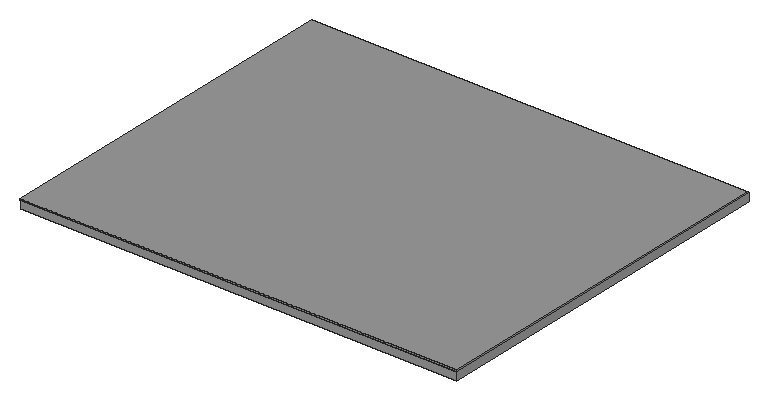
Revit family "UNB_Specchio_Multiproduct_BIM_IT_T3354;T3355;T3356;T3357;T3358;T3359;T3360;T3361;T3363;T3594_NEW", category Plumbing Fixtures, host Face, Revit 2017
Family settings
  Host = Face
  Round Connector Dimension = Use Diameter
  Part Type = Normal
  Cut with Voids When Loaded = No
  Shared = No
  Room Calculation Point = No
Parameters (values of type "T3594 - 1200 x 1000 mirror")
  VersioneClassificazioneUni2015 = "IfcFurnitureType"
  Versione = "1"
  ValoreDellaSuperficie = "n/a"
  UnitàVolume = "litro"
  UnitàSuperficie = "millimetro"
  UnitàMonetaria = "€"
  UnitàLineare = "millimetro"
  UnitàDurataGaranzia = "anno"
  UnitàDurata = "anno"
  URL = "http://www.idealstandard.it"
  TipologiaVaso = "Altro"
  TipoEspotazioneIfc = "IfcFurnitureType"
  TipoDiDato = "Fisso"
  Telefono = "800 652 290"
  Spazio = "interno"
  Sostenibilità = "n/a"
  RiferimentoClassificazioneUni2015 = "MIRRORS"
  Riferimento = "T3594"
  Revisione = "1"
  ProfonditàNominale = 26 mm
  Produttore = "info@idealstandard.it"
  PesoNetto = "11.16 Kg"
  PesoLordo = "n/a"
  PartiDiRicambio = "http://www.idealstandard.it"
  NumeroDiModello = "T3594BH"
  NomeOggettoBim = "ISI_IdealStandard_Specchio_T3594"
  Nome = "ISI_IdealStandard_Specchio_T3594"
  ModelloDiRiferimento = "SPECCHIO LOW H 120X100"
  Model = "T3594BH"
  Materiale = "bicchiere"
  Manufacturer = "info@idealstandard.it"
  LunghezzaNominale = 26 mm
  LarghezzaNominale = 1200 mm
  InstruzioniInstallazione = "http://www.idealstandard.it"
  InformazioniGaranzia = "info@idealstandard.it"
  InformazioniDiProdotto = "http://www.idealstandard.it"
  InformaziniGaranzia = "info@idealstandard.it"
  IfcEsportaCome = "BATHROOM FURNITURE"
  Grado = "n/a"
  GaranziaInstallazione = "n/a"
  Garanzia = "garanzia del produttore"
  Forma = "rettangolare"
  Finitura = "specchio"
  DurataGaranziaProdotti = "n/a"
  DurataGaranziaLegale = "n/a"
  DurataGaranzia = "n/a"
  DistribuitoDa = "n/a"
  Dimensione = ""
  DescrizioneClassifcazioneUni2015 = "Bathroom furniture"
  Description = "SPECCHIO LOW H 120X100"
  Default Elevation = 1500 mm
  Creato = "Ideal Standard"
  CostoDiSostituzione = 0
  Cost = 0
  Connessione = "piombatura"
  Componenti = "n/a"
  Colore = "specchio"
  CodiceRiferimento = "n/a"
  CodiceDiPrestazione = "EN"
  CodiceArticolo = "n/a"
  CodiceABarre = "8014140447993"
  CicloDiVitaDelProdotto = "n/a"
  Caratteristiche = "SPECCHIO LOW H 120X100"
  Brand = "Ideal Standard"
  Autore = "Ideal Standard"
  AltezzaNominale = 1000 mm
  Aiuto = "info@idealstandard.it"
  Accessori = "http://www.idealstandard.it"
  Accesso = "n/a"
Types (10, lengths in mm): name | Riferimento | PesoNetto | NumeroDiModello | NomeOggettoBim | Nome | ModelloDiRiferimento | Model | LarghezzaNominale | Description | CodiceABarre | Caratteristiche | AltezzaNominale
  T3354 - 500 x 700 mirror | "T3354" | "4.59 Kg" | "T3354BH" | "ISI_IdealStandard_Specchio_T3354" | "ISI_IdealStandard_Specchio_T3354" | "SPECCHIO LOW S 50X70" | "T3354BH" | 500 | "SPECCHIO LOW S 50X70" | "8014140447467" | "SPECCHIO LOW S 50X70" | 700
  T3355 - 600 x 700 mirror | "T3355" | "5.31 Kg" | "T3355BH" | "ISI_IdealStandard_Specchio_T3355" | "ISI_IdealStandard_Specchio_T3355" | "SPECCHIO LOW S 60X70" | "T3355BH" | 600 | "SPECCHIO LOW S 60X70" | "8014140447474" | "SPECCHIO LOW S 60X70" | 700
  T3356 - 700 x 700 mirror | "T3356" | "6.12 Kg" | "T3356BH" | "ISI_IdealStandard_Specchio_T3356" | "ISI_IdealStandard_Specchio_T3356" | "SPECCHIO LOW S 70X70" | "T3356BH" | 700 | "SPECCHIO LOW S 70X70" | "8014140447481" | "SPECCHIO LOW S 70X70" | 700
  T3357 - 800 x 700 mirror | "T3357" | "6.84 Kg" | "T3357BH" | "ISI_IdealStandard_Specchio_T3357" | "ISI_IdealStandard_Specchio_T3357" | "SPECCHIO LOW S 80X70" | "T3357BH" | 800 | "SPECCHIO LOW S 80X70" | "8014140447498" | "SPECCHIO LOW S 80X70" | 700
  T3358 - 1000 x 700 mirror | "T3358" | "8.37 Kg" | "T3358BH" | "ISI_IdealStandard_Specchio_T3358" | "ISI_IdealStandard_Specchio_T3358" | "SPECCHIO LOW S 100X70" | "T3358BH" | 1000 | "SPECCHIO LOW S 100X70" | "8014140447504" | "SPECCHIO LOW S 100X70" | 700
  T3359 - 1200 x 700 mirror | "T3359" | "9.45 Kg" | "T3359BH" | "ISI_IdealStandard_Specchio_T3359" | "ISI_IdealStandard_Specchio_T3359" | "SPECCHIO LOW S 120X70" | "T3359BH" | 1200 | "SPECCHIO LOW S 120X70" | "8014140447511" | "SPECCHIO LOW S 120X70" | 700
  T3360 - 400 x 1000 mirror | "T3360" | "5.58 Kg" | "T3360BH" | "ISI_IdealStandard_Specchio_T3360" | "ISI_IdealStandard_Specchio_T3360" | "SPECCHIO LOW H 40X100" | "T3360BH" | 400 | "SPECCHIO LOW H 40X100" | "8014140447528" | "SPECCHIO LOW H 40X100" | 1000
  T3361 - 600 x 1000 mirror | "T3361" | "7.02 Kg" | "T3361BH" | "ISI_IdealStandard_Specchio_T3361" | "ISI_IdealStandard_Specchio_T3361" | "SPECCHIO LOW H 60X100" | "T3361BH" | 600 | "SPECCHIO LOW H 60X100" | "8014140447535" | "SPECCHIO LOW H 60X100" | 1000
  T3363 - 800 x 1000 mirror | "T3363" | "8.91 Kg" | "T3363BH" | "ISI_IdealStandard_Specchio_T3363" | "ISI_IdealStandard_Specchio_T3363" | "SPECCHIO LOW H 80X100" | "T3363BH" | 800 | "SPECCHIO LOW H 80X100" | "8014140447559" | "SPECCHIO LOW H 80X100" | 1000
  T3594 - 1200 x 1000 mirror | "T3594" | "11.16 Kg" | "T3594BH" | "ISI_IdealStandard_Specchio_T3594" | "ISI_IdealStandard_Specchio_T3594" | "SPECCHIO LOW H 120X100" | "T3594BH" | 1200 | "SPECCHIO LOW H 120X100" | "8014140447993" | "SPECCHIO LOW H 120X100" | 1000
Reference planes
  plane 1 "Center (Front/Back)": y = 0
  plane 2: z = 0
  plane 3 "Center (Left/Right)": x = 0
  plane 4: x = -600
  plane 5: x = 600
  plane 6: y = 500
  plane 7: y = -500
  plane 8: z = 22
  plane 9: z = 26
Forms (mm)
  Extrusion 1, solid, material "Default"
    sketch origin (0, 20.991, -18) x (0, 1, 0) y (-1, 0, 0)
      loop
        line (479.009, 600) -> (-520.991, 600) -> (-520.991, -600) -> (479.009, -600) -> (479.009, 600)
    from 18 to 40
  Extrusion 2, solid, material "ISI_IdealStandard_Mirror_MirrorGlazing_Render"
    sketch origin (-1524, -4572, 22) x (-1, 0, 0) y (0, -1, 0)
      loop
        line (-924, -5072) -> (-924, -4072) -> (-2124, -4072) -> (-2124, -5072) -> (-924, -5072)
    from 0 to 4
Dimensions and locks
  equal spacing: plane 4, plane 3 "Center (Left/Right)", plane 5
  "LarghezzaNominale": plane 4 to plane 5
  equal spacing: plane 6, plane 1 "Center (Front/Back)", plane 7
  "AltezzaNominale": plane 6 to plane 7
  locked: plane 9 to plane 8 at 4
  "ProfonditàNominale": plane 9 to plane 2
  aligned and locked: plane 2 to host face
  aligned and locked: level to host face
  aligned and locked: Extrusion 2 sketch curve to plane 6
  aligned and locked: plane 4 to Extrusion 2 sketch curve
  aligned and locked: plane 7 to Extrusion 2 sketch curve
  aligned and locked: Extrusion 2 sketch curve to plane 5
  aligned and locked: plane 5 to Extrusion 1
  aligned and locked: plane 6 to Extrusion 1
  aligned and locked: Extrusion 1 to plane 4
  aligned and locked: Extrusion 1 to plane 7
  aligned and locked: plane 8 to Extrusion 1
  aligned and locked: plane 9 to Extrusion 2
Automatic sketch dimensions
  host sketch curve to host sketch curve = 2438.4 mm  (x2)
  Extrusion 1 sketch curve to plane 4 = 0 mm
  Extrusion 1 sketch curve to plane 7 = 0 mm
  Extrusion 1 sketch curve to plane 6 = 0 mm
  Extrusion 1 sketch curve to plane 5 = 0 mm
